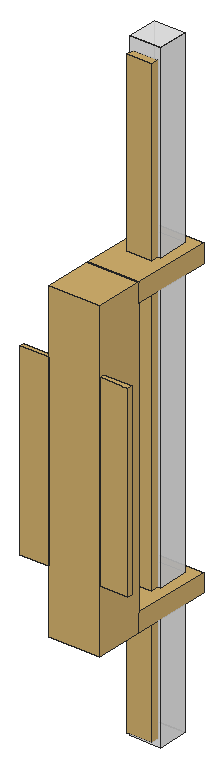
Revit family "3-55-xx Wand wall Sconce", category Lighting Fixtures, host Wall, Revit 2019
Family settings
  Host = Wall
  Round Connector Dimension = Use Diameter
  Part Type = Normal
  OmniClass Number = 23.80.70.00
  OmniClass Title = Lighting
  Always vertical = Yes
  Cut with Voids When Loaded = No
  Light Source = Yes
  Shared = No
  Room Calculation Point = No
Parameters (values of type "3-55-40 / Aged Brass - Matte White Acrylic")
  Wattage Comments = "1 x 27.11 W at 120 V"  # constant formula
  Wattage = 27.11 W
  built-in parameter 1150110 = 1 (stored number, unit not read)
  Voltage Input = "120 V or 277 V - 50/60 Hz"  # constant formula
  Voltage = 120 V
  URL = "www.oxygenlighting.com"
  built-in parameter 1114217 = 1 (stored number, unit not read)
  Tilt Angle = 0.00°
  built-in parameter 1150109 = 1 (stored number, unit not read)
  built-in parameter 1150134 = (empty or 0)
  built-in parameter 1150113 = 1 (stored number, unit not read)
  References = "Ref. 3 = 120 V / Ref. 37 = 277 V"  # constant formula
  Photometric Web File = "Wand 3-55-xx.ies"
  Model = "3-55-xx / Wand Wall Sconce"  # constant formula
  Metal Finish = 40 - Aged Brass
  Manufacturer = "Oxygen Lighting and Fans"  # constant formula
  Lumens = 1976.32 lm
  built-in parameter 1150115 = 1 (stored number, unit not read)
  built-in parameter 1150105 = 157.27 (stored number, unit not read)
  built-in parameter 1150137 = (empty or 0)
  built-in parameter 1150139 = (empty or 0)
  built-in parameter 1150112 = 1 (stored number, unit not read)
  built-in parameter 1150114 = 1 (stored number, unit not read)
  Lamp = "LED Array"  # constant formula
  built-in parameter 1150132 = (empty or 0)
  built-in parameter 1150102 = (empty or 0)
  built-in parameter 1150138 = (empty or 0)
  built-in parameter 1150107 = 3000 (stored number, unit not read)
  built-in parameter 1150106 = 1.5727 (stored number, unit not read)
  built-in parameter 1150104 = 6.7726 (stored number, unit not read)
  Dimming Lamp Color Temperature Shift = <None>
  Diffusers = Matte White Acrylic
  Color Filter = 16777215
  built-in parameter 1114218 = 1 (stored number, unit not read)
  built-in parameter 1150133 = 10 (stored number, unit not read)
Types (3): name | Metal Finish
  3-55-15 / Black - Matte White Acrylic | 15 - Black
  3-55-24 / Satin Nickel - Matte White Acrylic | 24 - Satin Nickel
  3-55-40 / Aged Brass - Matte White Acrylic | 40 - Aged Brass
Reference planes (in)
  plane 1: y = 0
  plane 2 "Light Source Axis (L/R)": x = 4.92126
  plane 3 "Light Source Axis (F/R)": y = 4.33071
  plane 4 "Light Source Elevation": z = 31.49606
  plane 5: y = 2.95276
Text (in)
  text "Placement side" at (-70.3598, 43.96769, 0), in view "Ref. Level"
  text "Placement side" at (0, 83.08644, 117.56134), in view "Left"
  text "Placement side" at (0, 24.74324, 118.58137), in view "Right"
Dimensions and locks (in)
  locked: plane 3 "Light Source Axis (F/R)" to plane 5 at 1.37795
  locked: nested 1 to plane 4 "Light Source Elevation" at 2.38
  aligned and locked: plane 1 to host wall
  aligned and locked: plane 2 "Light Source Axis (L/R)" to imposter light
  aligned and locked: plane 5 to host wall
  aligned and locked: plane 2 "Light Source Axis (L/R)" to nested 1
  aligned and locked: nested 1 to plane 5
  aligned and locked: plane 4 "Light Source Elevation" to imposter light
  aligned and locked: imposter light to nested 1
Nested families (in)
  nested 1: "Family2" at (4.92126, 2.95276, 31.49606), type "Family2"
Definition of nested family "Family2"
  Parameters (values of type "Family2")
    Metal Finish 2 = none
    Metal Finish 1 = none
    Diffuser = none
  Reference planes (in)
    plane 1 "Center (Front/Back)": y = 0
    plane 2: z = 0
    plane 3 "Center (Left/Right)": x = 0
  Forms (in)
    Extrusion 1, solid, material <- "Metal Finish 1"
      sketch origin (0, 0, 0) x (1, 0, 0) y (0, 1, 0)
        loop
          line (-0.65, 1.25) -> (-0.65, 0) -> (0.65, 0) -> (0.65, 1.25) -> (-0.65, 1.25)
      from -4 to 4
    Extrusion 2, solid, material <- "Metal Finish 1"
      sketch origin (0, 0, 0) x (1, 0, 0) y (0, 1, 0)
        loop
          line (1.38, 0.12) -> (0.65, 0.12) -> (0.65, 0) -> (1.38, 0) -> (1.38, 0.12)
        loop
          line (-0.65, 0) -> (-0.65, 0.12) -> (-1.37, 0.12) -> (-1.37, 0) -> (-0.65, 0)
      from -2.38 to 2.38
    Extrusion 3, solid, material <- "Metal Finish 1"
      sketch origin (0, 0, 0) x (1, 0, 0) y (0, 1, 0)
        loop
          line (-0.65, 3.32) -> (-0.65, 1.25) -> (0.65, 1.25) -> (0.65, 3.32) -> (-0.65, 3.32)
      from 3.52 to 4
    Extrusion 4, solid, material <- "Metal Finish 1"
      sketch origin (0, 0, 0) x (1, 0, 0) y (0, 1, 0)
        loop
          line (-0.65, 3.32) -> (-0.65, 1.25) -> (0.65, 1.25) -> (0.65, 3.32) -> (-0.65, 3.32)
      from -4 to -3.54
    Extrusion 5, solid, material <- "Diffuser"
      sketch origin (0, 0, 0) x (0, 1, 0) y (0, 0, 1)
        loop
          line (3.08, 8.81001) -> (2.285, 8.81001) -> (2.285, 4) -> (3.08, 4) -> (3.08, 8.81001)
        loop
          line (2.285, 3.52) -> (2.285, -3.54) -> (3.08, -3.54) -> (3.08, 3.52) -> (2.285, 3.52)
        loop
          line (3.08, -4) -> (2.285, -4) -> (2.285, -7.19001) -> (3.08, -7.19001) -> (3.08, -4)
      from -0.4 to 0.4
    Extrusion 6, solid, material <- "Metal Finish 1"
      sketch origin (0, 0, 0) x (0, 1, 0) y (0, 0, 1)
        loop
          line (2.09, -7.00001) -> (2.285, -7.00001) -> (2.285, -4) -> (2.09, -4) -> (2.09, -7.00001)
        loop
          line (2.09, -3.54) -> (2.285, -3.54) -> (2.285, 3.52) -> (2.09, 3.52) -> (2.09, -3.54)
        loop
          line (2.09, 4) -> (2.285, 4) -> (2.285, 8.50001) -> (2.09, 8.50001) -> (2.09, 4)
      from -0.31 to 0.32
  Dimensions and locks (in)
    aligned and locked: level to plane 2
